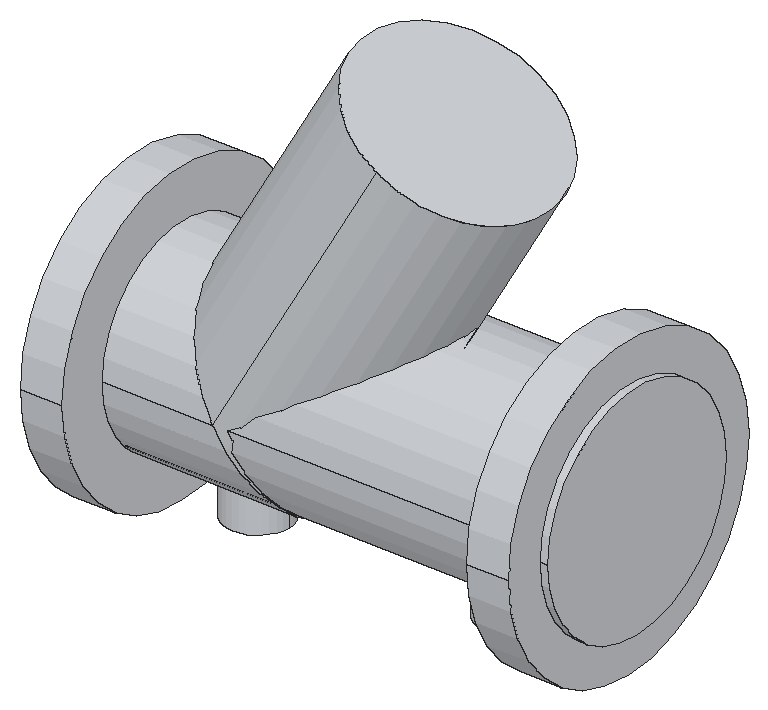
Revit family "HS 821-síto_jemné-PN16-DN150-RFA_2018", category Pipe Accessories, Revit 2018
Family settings
  Round Connector Dimension = Use Diameter
  Part Type = Breaks Into
  Work Plane-Based = No
  Always vertical = Yes
  Cut with Voids When Loaded = No
  Shared = No
Parameters (values of type "821A-DN150-PN16-síto_jemné")
  magiProductId = "2de770284b654863ae6bc865769dc5"
  magiProductFamilyId = "79214ac3aaa945e397802f559f5c1e"
  magiPartTypeId = 307
  isMeasuringValve [instance] = no
  ang2D [instance] = 0.00°
  ZB__ve = -ZB  # -44.75 mm
  ZB1 = 85.455 mm
  ZB = 44.75 mm
  X2 = 155.885 mm
  X1 = 67.2 mm
  W2D = 15 mm
  VersionID = "2.0/2017.9.26.1/ZETKAMA_821_001"
  Use Minimum Symbol Size [instance] = yes
  URL = "www.hydronix.cz"
  Type Comments = "Filtr přírubový; síto jemné; A-PN16 (-10~300°C); D-PN25 (-10~350°C); F-PN40 (-10~400°C)"
  S = 211 mm
  QmdConnectorList = "301;D;302;D"
  Productdata [instance] = ""
  Manufacturer = "Hydronix"
  MC Product Code = "210 192 (821A; DN150; PN16; kvs401,4; oko síta 0,63mm)"
  LM1 = 38.4 mm
  LM = 384 mm
  L4 = 120 mm
  L2D_Min = 3048 mm
  L2D = 130 mm
  L2 = 240 mm
  HH2 = 270 mm
  FD = 285 mm
  Description = "Filtr přírubový; síto jemné; 821A-PN16; 821D-PN25; 821F-PN40"
  DM1 = 192 mm
  DM = 189.9 mm
  D = 150 mm
  CC = 8.16 mm
  CAT0 = yes
  C1 = 39.84 mm
  C = 48 mm
  BD = 59.818 mm
Types (40, lengths in mm): name | magiProductId | ZB__ve | ZB1 | ZB | X2 | X1 | S | MC Product Code | LM1 | LM | L4 | L2 | HH2 | FD | DM1 | DM | D | CC | C1 | C | BD
  821A-DN015-PN16-síto_jemné | "a71bcfe8b393460598b23e8ddf7dc5" | -16.25 | 18.63 | 16.25 | 46.982 | 18.2 | 46 | "210 115 (821A; DN015; PN16; kvs6,2; oko síta 0,63mm)" | 10.4 | 104 | 32.5 | 65 | 81.375 | 95 | 27.6 | 41.4 | 15 | 2.21 | 10.79 | 13 | 13.041
  821A-DN020-PN16-síto_jemné | "41cd6c7a12924f4991217528336076" | -17.75 | 22.68 | 17.75 | 51.673 | 21 | 56 | "210 120 (821A; DN020; PN16; kvs9,6; oko síta 0,63mm)" | 12 | 120 | 37.5 | 75 | 89.5 | 105 | 33.6 | 50.4 | 20 | 2.55 | 12.45 | 15 | 15.876
  821A-DN025-PN16-síto_jemné | "be378b463ed14c3abf4c9b3ae8cf3a" | -19.25 | 26.325 | 19.25 | 58.601 | 22.4 | 65 | "210 125 (821A; DN025; PN16; kvs14,2; oko síta 0,63mm)" | 12.8 | 128 | 40 | 80 | 101.5 | 115 | 43.2 | 58.5 | 25 | 2.72 | 13.28 | 16 | 18.427
  821A-DN032-PN16-síto_jemné | "227a0d18b21540afabe8b6067d35fa" | -23 | 30.78 | 23 | 68.849 | 25.2 | 76 | "210 132 (821A; DN032; PN16; kvs23,1; oko síta 0,63mm)" | 14.4 | 144 | 45 | 90 | 119.25 | 140 | 50.4 | 68.4 | 32 | 3.06 | 14.94 | 18 | 21.546
  821A-DN040-PN16-síto_jemné | "d106917c74724141a10440112d0102" | -24.5 | 34.02 | 24.5 | 75.777 | 28 | 84 | "210 140 (821A; DN040; PN16; kvs36,6; oko síta 0,63mm)" | 16 | 160 | 50 | 100 | 131.25 | 150 | 60 | 75.6 | 40 | 3.4 | 16.6 | 20 | 23.814
  821A-DN050-PN16-síto_jemné | "8255d456a09e4f6486734f5dd9171b" | -26.75 | 40.095 | 26.75 | 79.061 | 32.2 | 99 | "210 150 (821A; DN050 PN16; kvs53,7; oko síta 0,63mm)" | 18.4 | 184 | 57.5 | 115 | 136.938 | 165 | 73.8 | 89.1 | 50 | 3.91 | 19.09 | 23 | 28.066
  821A-DN065-PN16-síto_jemné | "235b1b3e4c0843779a4d5e3716d40a" | -29.75 | 47.79 | 29.75 | 86.927 | 40.6 | 118 | "210 165 (821A; DN065; PN16; kvs95,1; oko síta 0,63mm)" | 23.2 | 232 | 72.5 | 145 | 150.562 | 185 | 94.2 | 106.2 | 65 | 4.93 | 24.07 | 29 | 33.453
  821A-DN080-PN16-síto_jemné | "a067f7c5236348ed8c820d16df7214" | -32 | 53.46 | 32 | 104.753 | 43.4 | 132 | "210 180 (821A; DN080; PN16; kvs137,1; oko síta 0,63mm)" | 24.8 | 248 | 77.5 | 155 | 181.438 | 200 | 107.4 | 118.8 | 80 | 5.27 | 25.73 | 31 | 37.422
  821A-DN100-PN16-síto_jemné | "c49a648c2747461285837d643703cd" | -35 | 63.18 | 35 | 114.857 | 49 | 156 | "210 190 (821A; DN100; PN16; kvs206,4; oko síta 0,63mm)" | 28 | 280 | 87.5 | 175 | 198.937 | 220 | 131.4 | 140.4 | 100 | 5.95 | 29.05 | 35 | 44.226
  821A-DN125-PN16-síto_jemné | "bf68e728a163493cbd2a663b26ebdc" | -39.5 | 74.52 | 39.5 | 131.888 | 56 | 184 | "210 191 (821A; DN125; PN16; kvs268,8; oko síta 0,63mm)" | 32 | 320 | 100 | 200 | 228.438 | 250 | 165 | 165.6 | 125 | 6.8 | 33.2 | 40 | 52.164
  821A-DN150-PN16-síto_jemné | "2de770284b654863ae6bc865769dc5" | -44.75 | 85.455 | 44.75 | 155.885 | 67.2 | 211 | "210 192 (821A; DN150; PN16; kvs401,4; oko síta 0,63mm)" | 38.4 | 384 | 120 | 240 | 270 | 285 | 192 | 189.9 | 150 | 8.16 | 39.84 | 48 | 59.818
  821A-DN200-PN16-síto_jemné | "8e5693371ab64aabb29a7f08c76e15" | -53 | 107.73 | 53 | 188.361 | 84 | 266 | "210 193 (821A; DN200; PN16; kvs706,7; oko síta 0,63mm)" | 48 | 480 | 150 | 300 | 326.25 | 340 | 252 | 239.4 | 200 | 10.2 | 49.8 | 60 | 75.411
  821A-DN250-PN16-síto_jemné | "05e37ed948c34047acdd4c42556504" | -62.75 | 129.195 | 62.75 | 255.911 | 102.2 | 319 | "210 194 (821A; DN250; PN16; kvs1229,4; oko síta 0,63mm)" | 58.4 | 584 | 182.5 | 365 | 443.25 | 405 | 309.6 | 287.1 | 250 | 12.41 | 60.59 | 73 | 90.436
  821A-DN300-PN16-síto_jemné | "9ad0af747269428da925480d83ce80" | -71 | 149.85 | 71 | 325.914 | 119 | 370 | "210 195 (821A; DN300; PN16; kvs1902,4; oko síta 0,63mm)" | 68 | 680 | 212.5 | 425 | 564.5 | 460 | 369.6 | 333 | 300 | 14.45 | 70.55 | 85 | 104.895
  821A-DN350-PN16-síto_jemné | "eebc71459bb3451bb4355e7951370a" | -80 | 173.745 | 80 | 356.875 | 137.2 | 429 | "200 196 (821A; DN350; PN16; kvs2611,0; oko síta 0,63mm)" | 78.4 | 784 | 245 | 490 | 618.125 | 520 | 438 | 386.1 | 350 | 16.66 | 81.34 | 98 | 121.621
  821A-DN400-PN16-síto_jemné | "d2f677cb196647e385b2590e7d8abe" | -89 | 194.4 | 89 | 392.237 | 154 | 480 | "210 197 (821A; DN400; PN16; kvs3438,4; oko síta 0,63mm)" | 88 | 880 | 275 | 550 | 679.375 | 580 | 498 | 432 | 400 | 18.7 | 91.3 | 110 | 136.08
  821D-DN015-PN25-síto_jemné | "27ddcbf555414f8ca1fde329bf9087" | -16.25 | 18.63 | 16.25 | 46.982 | 18.2 | 46 | "210 215 (821D; DN015; PN25; kvs6,2; oko síta 0,63mm)" | 10.4 | 104 | 32.5 | 65 | 81.375 | 95 | 27.6 | 41.4 | 15 | 2.21 | 10.79 | 13 | 13.041
  821D-DN020-PN25-síto_jemné | "270e0f14012f47189cd0235c18faee" | -17.75 | 22.68 | 17.75 | 51.673 | 21 | 56 | "210 220 (821D; DN020; PN25; kvs9,6; oko síta 0,63mm)" | 12 | 120 | 37.5 | 75 | 89.5 | 105 | 33.6 | 50.4 | 20 | 2.55 | 12.45 | 15 | 15.876
  821D-DN025-PN25-síto_jemné | "b9a7fb4aa36643878c637d8e1ab992" | -19.25 | 26.325 | 19.25 | 58.601 | 22.4 | 65 | "210 225 (821D; DN025; PN25; kvs14,2; oko síta 0,63mm)" | 12.8 | 128 | 40 | 80 | 101.5 | 115 | 43.2 | 58.5 | 25 | 2.72 | 13.28 | 16 | 18.427
  821D-DN032-PN25-síto_jemné | "6be9a55c4e68400f94eec7e804204c" | -23 | 30.78 | 23 | 68.849 | 25.2 | 76 | "210 232 (821D; DN032; PN25; kvs23,1; oko síta 0,63mm)" | 14.4 | 144 | 45 | 90 | 119.25 | 140 | 50.4 | 68.4 | 32 | 3.06 | 14.94 | 18 | 21.546
  821D-DN040-PN25-síto_jemné | "c54511bd7f584ec2984291479612cb" | -24.5 | 34.02 | 24.5 | 75.777 | 28 | 84 | "210 240 (821D; DN040; PN25; kvs36,6; oko síta 0,63mm)" | 16 | 160 | 50 | 100 | 131.25 | 150 | 60 | 75.6 | 40 | 3.4 | 16.6 | 20 | 23.814
  821D-DN050-PN25-síto_jemné | "5483b1f596b04cd39b23a14a22c90e" | -26.75 | 40.095 | 26.75 | 79.061 | 32.2 | 99 | "210 250 (821D; DN050; PN25; kvs53,7; oko síta 0,63mm)" | 18.4 | 184 | 57.5 | 115 | 136.938 | 165 | 73.8 | 89.1 | 50 | 3.91 | 19.09 | 23 | 28.066
  821D-DN065-PN25-síto_jemné | "767b0f8318e94750bc7a9930ed5b30" | -29.75 | 47.79 | 29.75 | 86.927 | 40.6 | 118 | "210 265 (821D; DN065; PN25; kvs95,1; oko síta 0,63mm)" | 23.2 | 232 | 72.5 | 145 | 150.562 | 185 | 94.2 | 106.2 | 65 | 4.93 | 24.07 | 29 | 33.453
  821D-DN080-PN25-síto_jemné | "e21040fa3cc2404b858198f6b73709" | -32 | 53.46 | 32 | 104.753 | 43.4 | 132 | "210 280 (821D; DN080; PN25; kvs137,1; oko síta 0,63mm)" | 24.8 | 248 | 77.5 | 155 | 181.438 | 200 | 107.4 | 118.8 | 80 | 5.27 | 25.73 | 31 | 37.422
  821D-DN100-PN25-síto_jemné | "175ca87a506b40b3bc6b82f12f33cf" | -37.25 | 63.18 | 37.25 | 114.857 | 49 | 156 | "210 290 (821D; DN100; PN25; kvs206,4; oko síta 0,63mm)" | 28 | 280 | 87.5 | 175 | 198.937 | 235 | 131.4 | 140.4 | 100 | 5.95 | 29.05 | 35 | 44.226
  821D-DN125-PN25-síto_jemné | "77cc98d60da24855999a22dff726b2" | -42.5 | 74.52 | 42.5 | 131.888 | 56 | 184 | "210 291 (821D; DN125; PN25; kvs268,8; oko síta 0,63mm)" | 32 | 320 | 100 | 200 | 228.438 | 270 | 165 | 165.6 | 125 | 6.8 | 33.2 | 40 | 52.164
  821D-DN150-PN25-síto_jemné | "9cf8acfcd15547d68e83172d3abcbe" | -47 | 85.455 | 47 | 155.885 | 67.2 | 211 | "210 292 (821D; DN150; PN25; kvs401,4; oko síta 0,63mm)" | 38.4 | 384 | 120 | 240 | 270 | 300 | 192 | 189.9 | 150 | 8.16 | 39.84 | 48 | 59.818
  821D-DN200-PN25-síto_jemné | "16973f3c9ea14389ba8602495a6b64" | -56 | 110.97 | 56 | 188.361 | 84 | 274 | "210 293 (821D; DN200; PN25; kvs706,7; oko síta 0,63mm)" | 48 | 480 | 150 | 300 | 326.25 | 360 | 252 | 246.6 | 200 | 10.2 | 49.8 | 60 | 77.679
  821F-DN015-PN40-síto_jemné | "4c7eaf3c4c0340888b3e684d8a8616" | -16.25 | 18.225 | 16.25 | 46.982 | 18.2 | 45 | "250 615 (821F; DN015; PN40; kvs6,2; oko síta 0,63mm)" | 10.4 | 104 | 32.5 | 65 | 81.375 | 95 | 27.6 | 40.5 | 15 | 2.21 | 10.79 | 13 | 12.757
  821F-DN020-PN40-síto_jemné | "aaac5f1ec96b44d6ba96ac2293d66d" | -17.75 | 23.49 | 17.75 | 51.673 | 21 | 58 | "250 620 (821F; DN020; PN40; kvs9,6; oko síta 0,63mm)" | 12 | 120 | 37.5 | 75 | 89.5 | 105 | 33.6 | 52.2 | 20 | 2.55 | 12.45 | 15 | 16.443
  821F-DN025-PN40-síto_jemné | "504768023968471481789485b54c7e" | -19.25 | 27.54 | 19.25 | 58.601 | 22.4 | 68 | "250 625 (821F; DN025; PN40; kvs14,2; oko síta 0,63mm)" | 12.8 | 128 | 40 | 80 | 101.5 | 115 | 43.2 | 61.2 | 25 | 2.72 | 13.28 | 16 | 19.278
  821F-DN032-PN40-síto_jemné | "165e7f39cf744f329bdf1c400dad12" | -23 | 31.59 | 23 | 68.849 | 25.2 | 78 | "250 632 (821F; DN032; PN40; kvs23,1; oko síta 0,63mm)" | 14.4 | 144 | 45 | 90 | 119.25 | 140 | 50.4 | 70.2 | 32 | 3.06 | 14.94 | 18 | 22.113
  821F-DN040-PN40-síto_jemné | "b8903f952089408fbf3a5a632bab1f" | -24.5 | 35.64 | 24.5 | 75.777 | 28 | 88 | "250 640 (821F; DN040; PN40; kvs36,6; oko síta 0,63mm)" | 16 | 160 | 50 | 100 | 131.25 | 150 | 60 | 79.2 | 40 | 3.4 | 16.6 | 20 | 24.948
  821F-DN050-PN40-síto_jemné | "c451f97266fe48da8f879cb6a2bd44" | -26.75 | 41.31 | 26.75 | 79.061 | 32.2 | 102 | "250 650 (821F; DN050; PN40; kvs53,7; oko síta 0,63mm)" | 18.4 | 184 | 57.5 | 115 | 136.938 | 165 | 73.8 | 91.8 | 50 | 3.91 | 19.09 | 23 | 28.917
  821F-DN065-PN40-síto_jemné | "dc9821e3f9b34e128f6a8c6b34c198" | -29.75 | 49.41 | 29.75 | 86.927 | 40.6 | 122 | "250 665 (821F; DN065; PN40; kvs95,1; oko síta 0,63mm)" | 23.2 | 232 | 72.5 | 145 | 150.562 | 185 | 94.2 | 109.8 | 65 | 4.93 | 24.07 | 29 | 34.587
  821F-DN080-PN40-síto_jemné | "689aa1e260f84cf4994f027a1d86b5" | -32 | 55.89 | 32 | 104.753 | 43.4 | 138 | "250 680 (821F; DN080; PN40; kvs137,1; oko síta 0,63mm)" | 24.8 | 248 | 77.5 | 155 | 181.438 | 200 | 107.4 | 124.2 | 80 | 5.27 | 25.73 | 31 | 39.123
  821F-DN100-PN40-síto_jemné | "8a45d4e8e2ab425f8c432f21d684f3" | -37.25 | 65.61 | 37.25 | 114.857 | 49 | 162 | "250 690 (821F; DN100; PN40; kvs206,4; oko síta 0,63mm)" | 28 | 280 | 87.5 | 175 | 198.937 | 235 | 131.4 | 145.8 | 100 | 5.95 | 29.05 | 35 | 45.927
  821F-DN125-PN40-síto_jemné | "cf073904c006406b8645afa67ea2fc" | -42.5 | 76.14 | 42.5 | 131.888 | 56 | 188 | "250 691 (821F; DN125; PN40; kvs268,8; oko síta 0,63mm)" | 32 | 320 | 100 | 200 | 228.438 | 270 | 165 | 169.2 | 125 | 6.8 | 33.2 | 40 | 53.298
  821F-DN150-PN40-síto_jemné | "0153b9ddabe14992a630484929fdbc" | -47 | 88.29 | 47 | 155.885 | 67.2 | 218 | "250 692 (821F; DN150; PN40; kvs401,4; oko síta 0,63mm)" | 38.4 | 384 | 120 | 240 | 270 | 300 | 192 | 196.2 | 150 | 8.16 | 39.84 | 48 | 61.803
  821F-DN200-PN40-síto_jemné | "7fb3fc01dd8d42428c203e3f8dd4d5" | -56 | 115.425 | 56 | 188.361 | 84 | 285 | "250 693 (821F; DN200; PN40; kvs706,7; oko síta 0,63mm)" | 48 | 480 | 150 | 300 | 326.25 | 360 | 252 | 256.5 | 200 | 10.2 | 49.8 | 60 | 80.797
Reference planes
  plane 1 "Center (Front/Back)": y = 0
  plane 2 "XYPLANE": z = 0
  plane 3 "Center (Left/Right)": x = 0
  plane 4 "109": x = -153.6
  plane 5 "108": x = 192
  plane 6 "107": x = -192
  plane 7 "105": x = 240
  plane 8 "104": x = -240
  plane 9 "103": y = 0
  plane 10 "102": z = 0
  plane 11 "101": x = -231.84
  plane 12 "100": x = 231.84
  plane 13 "11": x = -86.4
  plane 14 "10": z = 270
  plane 15 "9": x = 69.485
  plane 16 "5": z = -85.455
  plane 17 "4": x = -120
  plane 18 "1": x = 120
Forms (mm)
  Extrusion 1, solid, visible <- "CAT0"
    sketch origin (-192, -750, 0) x (0, 1, 0) y (0, 0, 1)
      loop
        circle (750, 0) r 94.95
    from 0 to 384 <- "LM"
  Extrusion 2, solid
    sketch origin (-240, -750, 0) x (0, 1, 0) y (0, 0, 1)
      loop
        circle (750, 0) r 105.5
    from 0 to 8.16 <- "CC"
  Extrusion 3, solid
    sketch origin (-231.84, -750, 0) x (0, 1, 0) y (0, 0, 1)
      loop
        circle (750, 0) r 142.5
    from 0 to 39.84 <- "C1"
  Extrusion 4, solid
    sketch origin (192, -750, 0) x (0, 1, 0) y (0, 0, 1)
      loop
        circle (750, 0) r 142.5
    from 0 to 39.84 <- "C1"
  Extrusion 5, solid
    sketch origin (231.84, -750, 0) x (0, 1, 0) y (0, 0, 1)
      loop
        circle (750, 0) r 105.5
    from 0 to 8.16 <- "CC"
  Sweep 6, solid, visible <- "CAT0"
    path origin (750, 0, 0) x (-1, 0, 0) y (0, 0, 1)
      loop
        line (942, 0) -> (836.4, 0) -> (680.515, 270)
    profile origin (-192, 0, 0) x (0, 0, -1) y (0, 1, 0)
      loop
        circle (0, 0) r 96
  Extrusion 7, solid, visible <- "CAT0"
    sketch origin (-750, 0, -85.455) x (1, 0, 0) y (0, 1, 0)
      loop
        circle (630, 0) r 29.909
    from 0 to -44.75 <- "ZB__ve"
  Extrusion 8, solid, visible <- "CAT0"
    sketch origin (-750, 0, -85.455) x (1, 0, 0) y (0, 1, 0)
      loop
        circle (870, 0) r 29.909
    from 0 to -44.75 <- "ZB__ve"
  Extrusion 9, solid, not visible
    sketch origin (240, -750, 0) x (0, 1, 0) y (0, 0, 1)
      loop
        circle (750, 0) r 10
    from 0 to -10
  Extrusion 10, solid, not visible
    sketch origin (-240, -750, 0) x (0, 1, 0) y (0, 0, 1)
      loop
        circle (750, 0) r 10
    from 0 to 10
Lines and regions (mm)
  reference lines, not visible
    curve 1: circle (2, 2, 0) r 1 normal (0, 0, 1)
Dimensions and locks
  plane 1 "Center (Front/Back)" to curve 1 = 2 mm
  "LM1": plane 6 "107" to plane 4 "109"
  "LM": plane 6 "107" to plane 5 "108"
  "C": plane 8 "104" to plane 6 "107"
  "L2": plane 3 "Center (Left/Right)" to plane 7 "105"
  "L2": plane 3 "Center (Left/Right)" to plane 8 "104"
  locked: plane 1 "Center (Front/Back)" to plane 9 "103"
  locked: plane 2 "XYPLANE" to plane 10 "102"
  "CC": plane 8 "104" to plane 11 "101"
  "C1": plane 5 "108" to plane 12 "100"
  "X1": plane 4 "109" to plane 13 "11"
  "HH2": plane 2 "XYPLANE" to plane 14 "10"
  "X2": plane 13 "11" to plane 15 "9"
  "ZB1": plane 2 "XYPLANE" to plane 16 "5"
  "L4": plane 8 "104" to plane 17 "4"
  "L2": plane 17 "4" to plane 18 "1"
  Sweep 6 sketch curve to Sweep 6 sketch curve = 0 mm  (x2)
  "DM": diameter of Extrusion 1 sketch curve
  "S": diameter of Extrusion 2 sketch curve
  "FD": diameter of Extrusion 3 sketch curve
  "FD": diameter of Extrusion 4 sketch curve
  "S": diameter of Extrusion 5 sketch curve
  "DM1": diameter of Sweep 6 sketch curve
  "BD": diameter of Extrusion 7 sketch curve
  "BD": diameter of Extrusion 8 sketch curve
  aligned and locked: level to plane 2 "XYPLANE"
  aligned and locked: Extrusion 1 sketch curve to plane 9 "103"
  aligned and locked: plane 10 "102" to Extrusion 1 sketch curve
  aligned and locked: Extrusion 2 sketch curve to plane 9 "103"
  aligned and locked: plane 10 "102" to Extrusion 2 sketch curve
  aligned and locked: Extrusion 3 sketch curve to plane 9 "103"
  aligned and locked: plane 10 "102" to Extrusion 3 sketch curve
  aligned and locked: Extrusion 4 sketch curve to plane 9 "103"
  aligned and locked: plane 10 "102" to Extrusion 4 sketch curve
  aligned and locked: Extrusion 5 sketch curve to plane 9 "103"
  aligned and locked: plane 10 "102" to Extrusion 5 sketch curve
  aligned and locked: Sweep 6 sketch curve to plane 9 "103"
  aligned and locked: plane 10 "102" to Sweep 6 sketch curve  (x3)
  aligned and locked: plane 6 "107" to Sweep 6 sketch curve
  aligned and locked: plane 13 "11" to Sweep 6 sketch curve
  aligned and locked: plane 14 "10" to Sweep 6 sketch curve
  aligned and locked: plane 15 "9" to Sweep 6 sketch curve
  aligned and locked: plane 9 "103" to Extrusion 7 sketch curve
  aligned and locked: plane 17 "4" to Extrusion 7 sketch curve
  aligned and locked: plane 9 "103" to Extrusion 8 sketch curve
  aligned and locked: plane 18 "1" to Extrusion 8 sketch curve
  aligned and locked: Extrusion 9 sketch curve to plane 9 "103"
  aligned and locked: plane 10 "102" to Extrusion 9 sketch curve
  aligned and locked: Extrusion 10 sketch curve to plane 9 "103"
  aligned and locked: plane 10 "102" to Extrusion 10 sketch curve
Automatic sketch dimensions
  plane 1 "Center (Front/Back)" to Extrusion 9 sketch curve = 10 mm
  plane 1 "Center (Front/Back)" to Extrusion 10 sketch curve = 10 mm
  plane 3 "Center (Left/Right)" to curve 1 = 2 mm
  radius of curve 1 = 1 mm
Connectors
  piping at (-240, 0, 0), diameter 150, driven by "D"
    settings: on Extrusion 10, index 1, connector inside diameter 609.6 mm, connector length 0 mm, flow factor 0, pipe flow 0.0 L/s, pressure drop 0.0 Pa, fitting loss kfactor 0, connector angle 0.00°, fixture units 0, engagement length 0 mm, angle of deflection 0.00°, flow configuration 0, flow direction 0, fitting loss method 0, system type 29, joint type 0, gender type 0, connector reference index 2, connector utility 0, adjustable connector no, is connector primary yes, connector description ""
  piping at (240, 0, 0), diameter 150, driven by "D"
    settings: on Extrusion 9, index 2, connector inside diameter 609.6 mm, connector length 0 mm, flow factor 0, pipe flow 0.0 L/s, pressure drop 0.0 Pa, fitting loss kfactor 0, connector angle 0.00°, fixture units 0, engagement length 0 mm, angle of deflection 0.00°, flow configuration 0, flow direction 0, fitting loss method 0, system type 29, joint type 0, gender type 0, connector reference index 1, connector utility 0, adjustable connector no, is connector primary no, connector description ""
